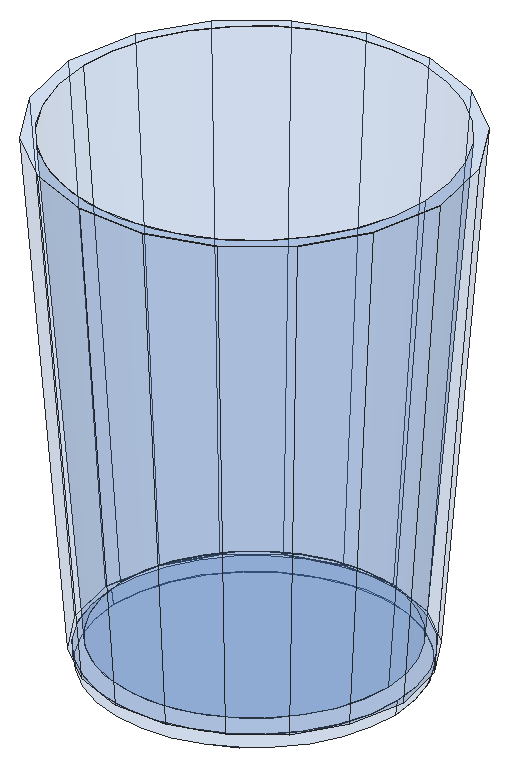
Revit family "Optic Glass", category Generic Models, Revit 2021
Family settings
  Can host rebar = No
  Round Connector Dimension = Use Diameter
  Part Type = Normal
  Work Plane-Based = No
  Always vertical = Yes
  Cut with Voids When Loaded = No
  Shared = No
  Room Calculation Point = No
Parameters
  Default Elevation = 0 mm
Reference planes
  plane 1 "Center (Front/Back)": y = 0
  plane 2: z = 0
  plane 3 "Center (Left/Right)": x = 0
Forms (mm)
  Blend 1, solid, material "GLASS BLUE (JAM)"
    base sketch origin (0, 0, 0) x (1, 0, 0) y (0, 1, 0)
      loop
        arc (-5.883, -33.678) -> (0, -33.386) -> (5.883, -33.678) r 59.247
        arc (5.883, -33.678) -> (11.355, -31.57) -> (16.945, -29.802) r 95.308
        arc (16.945, -29.802) -> (21.365, -25.925) -> (26.125, -22.473) r 63.646
        arc (26.125, -22.473) -> (29.152, -17.382) -> (32.4, -12.43) r 134.327
        arc (32.4, -12.43) -> (33.442, -6.161) -> (35, 0) r 76.597
        arc (35, 0) -> (33.442, 6.161) -> (32.4, 12.43) r 76.597
        arc (32.4, 12.43) -> (29.152, 17.382) -> (26.125, 22.473) r 134.327
        arc (26.125, 22.473) -> (21.365, 25.925) -> (16.945, 29.802) r 63.646
        arc (16.945, 29.802) -> (11.355, 31.57) -> (5.883, 33.678) r 95.308
        arc (5.883, 33.678) -> (0, 33.386) -> (-5.883, 33.678) r 59.247
        arc (-5.883, 33.678) -> (-11.355, 31.57) -> (-16.945, 29.802) r 95.308
        arc (-16.945, 29.802) -> (-21.365, 25.925) -> (-26.125, 22.473) r 63.646
        arc (-26.125, 22.473) -> (-29.152, 17.382) -> (-32.4, 12.43) r 134.327
        arc (-32.4, 12.43) -> (-33.442, 6.161) -> (-35, 0) r 76.597
        arc (-35, 0) -> (-33.442, -6.161) -> (-32.4, -12.43) r 76.597
        arc (-32.4, -12.43) -> (-29.152, -17.382) -> (-26.125, -22.473) r 134.327
        arc (-26.125, -22.473) -> (-21.365, -25.925) -> (-16.945, -29.802) r 63.646
        arc (-16.945, -29.802) -> (-11.355, -31.57) -> (-5.883, -33.678) r 95.308
    top sketch origin (0, 0, 0) x (1, 0, 0) y (0, 1, 0)
      loop
        arc (-7.373, -42.205) -> (0, -41.838) -> (7.373, -42.205) r 74.246
        arc (7.373, -42.205) -> (14.229, -39.563) -> (21.235, -37.348) r 119.438
        arc (21.235, -37.348) -> (26.775, -32.489) -> (32.739, -28.163) r 79.76
        arc (32.739, -28.163) -> (36.532, -21.783) -> (40.603, -15.577) r 168.335
        arc (40.603, -15.577) -> (41.909, -7.721) -> (43.861, 0) r 95.989
        arc (43.861, 0) -> (41.909, 7.721) -> (40.603, 15.577) r 95.989
        arc (40.603, 15.577) -> (36.532, 21.783) -> (32.739, 28.163) r 168.335
        arc (32.739, 28.163) -> (26.775, 32.489) -> (21.235, 37.348) r 79.76
        arc (21.235, 37.348) -> (14.229, 39.563) -> (7.373, 42.205) r 119.438
        arc (7.373, 42.205) -> (0, 41.838) -> (-7.373, 42.205) r 74.246
        arc (-7.373, 42.205) -> (-14.229, 39.563) -> (-21.235, 37.348) r 119.438
        arc (-21.235, 37.348) -> (-26.775, 32.489) -> (-32.739, 28.163) r 79.76
        arc (-32.739, 28.163) -> (-36.532, 21.783) -> (-40.603, 15.577) r 168.335
        arc (-40.603, 15.577) -> (-41.909, 7.721) -> (-43.861, 0) r 95.989
        arc (-43.861, 0) -> (-41.909, -7.721) -> (-40.603, -15.577) r 95.989
        arc (-40.603, -15.577) -> (-36.532, -21.783) -> (-32.739, -28.163) r 168.335
        arc (-32.739, -28.163) -> (-26.775, -32.489) -> (-21.235, -37.348) r 79.76
        arc (-21.235, -37.348) -> (-14.229, -39.563) -> (-7.373, -42.205) r 119.438
    from 3.185 to 111.239
  Blend 2, solid, material "GLASS BLUE (JAM)"
    base sketch origin (0, 0, 0) x (1, 0, 0) y (0, 1, 0)
      loop
        circle (0, 0) r 33.199
    top sketch origin (0, 0, 0) x (1, 0, 0) y (0, 1, 0)
      loop
        circle (0, 0) r 33.65
    from 0 to 3.185
  Blend 3, void
    base sketch origin (0, 0, 0) x (1, 0, 0) y (0, 1, 0)
      loop
        circle (0, 0) r 31.478
    top sketch origin (0, 0, 0) x (1, 0, 0) y (0, 1, 0)
      loop
        circle (0, 0) r 40.57
    from 5.279 to 113.434
Cuts and joins
  Blend 3 cuts Blend 1
Dimensions and locks
  aligned and locked: level to plane 2
